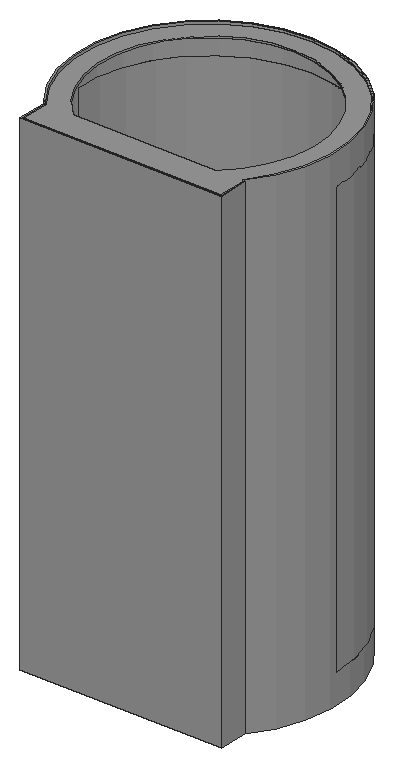
Revit family "3330 Bjørk_Waste bin", category Furniture Systems, host Wall, Revit 2018
Family settings
  Host = Wall
  Round Connector Dimension = Use Diameter
  Part Type = Normal
  Always vertical = Yes
  Cut with Voids When Loaded = No
  Shared = No
  Room Calculation Point = No
Parameters (values of type "RAL FARVE")
  Karosseri = RAL FARVE
  Front = RAL FARVE
Reference planes
  plane 1 "Wall": y = 0
  plane 2 "Center (Left/Right)": x = 125
  plane 3 "Back": y = 75
Text (mm)
  text "Placement Side" at (-1848.837, 1116.779, 0), in view "Ref. Level"
  text "Placement side" at (0, 1409.804, 2854.306), in view "Left"
  text "Placement side" at (0, 499.811, 2980.732), in view "Right"
Dimensions and locks
  locked: plane 3 "Back" to host wall
  aligned and locked: plane 1 "Wall" to host wall
  aligned and locked: nested 1 to plane 3 "Back"
  aligned and locked: nested 1 to plane 2 "Center (Left/Right)"
Nested families
  nested 1: "Master 3320 Waste bin" at (125, 75, 300) x (-1, 0, 0) z (0, 0, 1), type "Master 3320 Waste bin"
Definition of nested family "Master 3320 Waste bin"
  Parameters (values of type "Master 3320 Waste bin")
    Karosseri = none
    Front = none
  Reference planes
    plane 1 "Center (Front/Back)": y = 0
    plane 2: z = 0
    plane 3 "Center (Left/Right)": x = 0
  Forms (mm)
    Extrusion 1, solid, material <- "Karosseri"
      sketch origin (0, -111, 0) x (1, 0, 0) y (0, 1, 0)
        loop
          arc (-101.5, 81.227) -> (0, -130) -> (101.5, 81.227) r 130
          line (101.5, 81.227) -> (99.572, 81.227)
          arc (99.572, 81.227) -> (0, -128.5) -> (-99.572, 81.227) r 128.5
          line (-99.572, 81.227) -> (-101.5, 81.227)
      from 0 to 500
    Extrusion 2, solid, material <- "Karosseri"
      sketch origin (0, -111, 0) x (1, 0, 0) y (0, 1, 0)
        loop
          line (-101.5, 111) -> (-101.5, 81.227) -> (-99.572, 81.227) -> (-99.572, 109.5) -> (99.572, 109.5) -> (99.572, 81.227) -> (101.5, 81.227) -> (101.5, 111) -> (-101.5, 111)
      from 0 to 498
    Extrusion 3, solid, material <- "Karosseri"
      sketch origin (-149.841, -111, 498) x (0, -1, 0) y (-1, 0, 0)
        loop
          line (-81.227, -77.907) -> (-81.227, -221.775)
          arc (-81.227, -221.775) -> (108.5, -149.841) -> (-81.227, -77.907) r 108.5
        loop
          arc (-81.227, -249.413) -> (128.5, -149.841) -> (-81.227, -50.27) r 128.5
          line (-81.227, -50.27) -> (-109.5, -50.27) -> (-109.5, -249.413) -> (-81.227, -249.413)
      from 0 to 1.5
    Extrusion 4, solid, material <- "Karosseri"
      sketch origin (0, -111, 0) x (1, 0, 0) y (0, 1, 0)
        loop
          line (99.572, 109.5) -> (-99.572, 109.5) -> (-99.572, 81.227)
          arc (-99.572, 81.227) -> (0, -128.5) -> (99.572, 81.227) r 128.5
          line (99.572, 81.227) -> (99.572, 109.5)
      from 0 to 1.5
    Extrusion 5, void
      sketch origin (168.514, -111, 31) x (0, -1, 0) y (-1, 0, 0)
        loop
          spline (-4.107, 32.134) -> (30.905, 36.156) -> (63.683, 49.102) -> (91.994, 70.091) -> (113.907, 97.691) -> (127.931, 130.023) -> (133.108, 164.883) -> (129.086, 199.895) -> (116.14, 232.673) -> (95.152, 260.983) -> (67.551, 282.897) -> (35.219, 296.92) -> (0.359, 302.097)
          line (0.359, 302.097) -> (-4.107, 32.134)
      from 0 to -438
    Extrusion 6, solid, material <- "Front"
      sketch origin (0, -111, 0) x (1, 0, 0) y (0, 1, 0)
        loop
          arc (128.438, 3.975) -> (2.125, -128.482) -> (-128.5, -0.275) r 128.5
          line (-128.5, -0.275) -> (-129.997, 0.869)
          arc (-129.997, 0.869) -> (2.112, -129.983) -> (129.9, 5.092) r 130
          line (129.9, 5.092) -> (128.438, 3.975)
      from 31 to 469
  Cuts and joins
    Extrusion 5 cuts Extrusion 1
    Extrusion 5 cuts Extrusion 4
  Dimensions and locks
    aligned and locked: level to plane 2
    aligned and locked: Extrusion 6 to cut or joined group of Extrusion 1, Extrusion 5  (x4)
